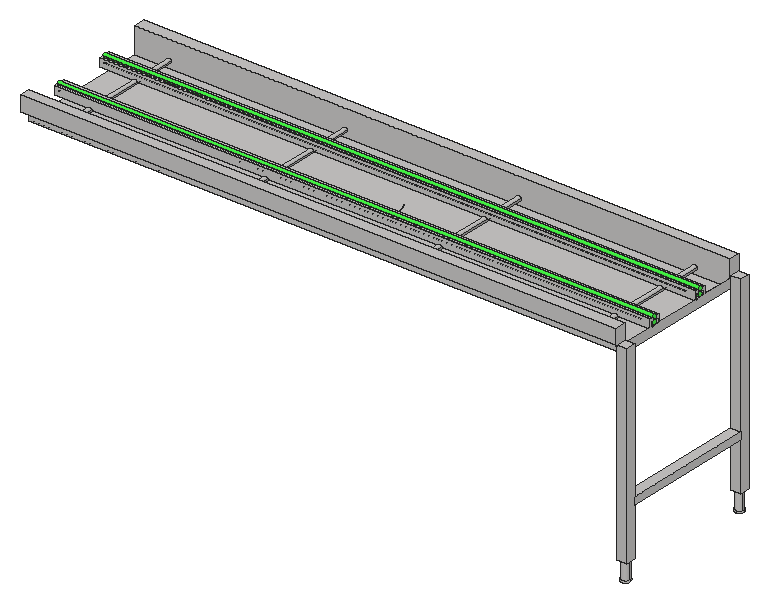
Revit family "QF_ELECTROLUXPROFESSIONAL_863162_HSBCC24", category Specialty Equipment, Revit 2018
Family settings
  Round Connector Dimension = Use Diameter
  Part Type = Normal
  Work Plane-Based = No
  Always vertical = Yes
  Cut with Voids When Loaded = No
  Shared = No
  Room Calculation Point = No
Parameters
  Weight = 0.00 kg
  Watts = 0 W
  Volts = 0 V
  URL Manufacturer = "http://professional.electrolux.com"
  URL = "http://professional.electrolux.com"
  Steam Supply Size = 0 mm
  Steam Supply Minimum Pressure = 0.0 Pa
  Steam Supply Maximum Pressure = 0.0 Pa
  Steam Pounds per Hour = 0
  Refrigeration Suction Line Size = 0 mm
  Refrigeration Liquid Line Size = 0 mm
  Refrigerant Compressor Remote = yes
  Manufacturer = "Electrolux"
  Phase = 0
  Model = "HSBCC24"
  Length Actual = 2400 mm  # constant formula
  Item Number = "863162"
  Hot Water Size = 0 mm
  Height Actual = 910 mm  # constant formula
  HP = "0 HP"
  Gas Size = 0 mm
  Gas KW = 0
  Gas Input Pressure = 0 W
  Description = "CORD CONVEYOR FOR BASKETS, L=2400 MM"
  Depth Actual = 620 mm  # constant formula
  Cycle = 0 Hz
  Condensate Return Size = 0 mm
  Compressed Air Volume = 0.0 L/s
  Compressed Air Size = 0 mm
  Compressed Air Pressure = 0.0 Pa
  Cold Water Size = 0 mm
  Accessory = yes
Reference planes
  plane 1 "Centro (Fronte/Retro)": y = 74.737
  plane 2: z = 0
  plane 3 "LEFT": x = -2838.761
  plane 4 "BACK": y = 384.737
  plane 5 "FRONT": y = -235.263
  plane 6: z = 910
  plane 7 "RIGHT": x = -438.761
  plane 8: x = -1638.761
Forms (mm)
  Extrusion 1, solid, material "QF_Finishes_Stainless Steel"
    sketch origin (11.239, 0, 0) x (0, 1, 0) y (0, 0, 1)
      loop
        line (-235.263, 910) -> (-235.263, 850.033) -> (-190.242, 850.033) -> (-190.242, 910) -> (-235.263, 910)
      loop
        line (384.737, 910) -> (339.716, 910) -> (339.716, 850.033) -> (384.737, 850.033) -> (384.737, 910)
    from -2850 to -451.2
  Extrusion 2, solid, material "QF_Finishes_Stainless Steel"
    sketch origin (11.239, 0, 0) x (0, 1, 0) y (0, 0, 1)
      loop
        line (-191.727, 850.033) -> (-191.727, 800.081) -> (341.245, 800.081) -> (341.245, 850.033) -> (339.716, 850.033) -> (339.716, 803.081) -> (-190.242, 803.081) -> (-190.242, 850.033) -> (-191.727, 850.033)
    from -2850 to -451.2
  Extrusion 3, solid, material "QF_Finishes_Stainless Steel"
    sketch origin (1061.239, 723.253, 4000) x (0, 1, 0) y (0, 0, 1)
      loop
        line (-958.516, -3090) -> (-958.516, -3149.967) -> (-934.752, -3185.632) -> (-915.4, -3185.632) -> (-915.4, -3199.919) -> (-381.633, -3199.919) -> (-381.633, -3185.632) -> (-362.281, -3185.632) -> (-338.516, -3149.967) -> (-338.516, -3090) -> (-383.538, -3090) -> (-383.538, -3161.926) -> (-913.495, -3161.926) -> (-913.495, -3090) -> (-958.516, -3090)
    from -1500 to -1501.2
  Extrusion 4, solid, material "QF_Finishes_Stainless Steel"
    sketch origin (-1477.522, 74.737, 0) x (-1, 0, 0) y (0, 0, -1)
      loop
        line (-1079.929, -300) -> (-1039.929, -300) -> (-1039.929, -270) -> (-1079.929, -270) -> (-1079.929, -300)
    from -266.504 to 266.46
  Revolve 5, solid, material "QF_Finishes_Stainless Steel"
    sketch origin (0, 74.737, 0) x (1, 0, 0) y (0, 0, 1)
      loop
        line (-1715.255, 800.081) -> (-1715.255, 786.333)
        arc (-1715.255, 786.333) -> (-1714.651, 784.73) -> (-1713.151, 783.903) r 2.474
        arc (-1713.151, 783.903) -> (-1709.843, 780.044) -> (-1713.138, 776.173) r 3.913
        arc (-1713.138, 776.173) -> (-1714.648, 775.341) -> (-1715.255, 773.728) r 2.49
        line (-1715.255, 773.728) -> (-1715.255, 733.404)
        arc (-1715.255, 733.404) -> (-1704.605, 702.706) -> (-1677.218, 685.219) r 49.516
        line (-1677.218, 685.219) -> (-1677.218, 682.73) -> (-1676.011, 681.079) -> (-1676.011, 679.492) -> (-1662.231, 673.492) -> (-1662.231, 638.761) -> (-1660.707, 637.3) -> (-1638.761, 637.3) -> (-1638.761, 800.081) -> (-1715.255, 800.081)
      axis (-1638.761, 800.081) -> (-1638.761, 637.3)
    angle from 0 to 360
  Extrusion 6, solid, material "QF_Finishes_Stainless Steel"
    sketch origin (0, 74.737, 0) x (1, 0, 0) y (0, 0, 1)
      loop
        circle (-2698.761, 831.05) r 8.5
    from -265 to 264.979
  Extrusion 7, solid, material "QF_Finishes_Stainless Steel"
    sketch origin (2140, 74.737, 0) x (1, 0, 0) y (0, 0, 1)
      loop
        circle (-2718.761, 831.05) r 8.5
    from -265 to 265
  Extrusion 8, solid, material "QF_Finishes_Stainless Steel"
    sketch origin (-438.761, 0, 0) x (0, 1, 0) y (0, 0, 1)
      loop
        line (-62.763, 869.045) -> (-62.763, 835.05) -> (-60.363, 835.05) -> (-60.363, 857.845) -> (-19.763, 857.845) -> (-19.763, 835.05) -> (-17.763, 835.05) -> (-17.763, 869.045) -> (-30.056, 869.045) -> (-35.275, 860.005) -> (-45.251, 860.005) -> (-50.47, 869.045) -> (-62.763, 869.045)
      loop
        line (212.237, 869.045) -> (199.944, 869.045) -> (194.725, 860.005) -> (184.749, 860.005) -> (179.53, 869.045) -> (167.237, 869.045) -> (167.237, 835.05) -> (169.237, 835.05) -> (169.237, 857.845) -> (209.837, 857.845) -> (209.837, 835.05) -> (212.237, 835.05) -> (212.237, 869.045)
    from 0 to -2400
  Extrusion 9, solid, material "QF_Finishes_Green"
    sketch origin (-438.761, 0, 0) x (0, 1, 0) y (0, 0, 1)
      loop
        circle (-40.263, 868.505) r 7.5
      loop
        circle (-40.263, 848.505) r 7.5
      loop
        circle (189.737, 868.505) r 7.5
      loop
        circle (189.737, 848.505) r 7.5
    from 0 to -2400
  Extrusion 10, solid, material "QF_Finishes_Stainless Steel"
    sketch origin (145, 74.737, 0) x (1, 0, 0) y (0, 0, 1)
      loop
        circle (-2134.261, 831.05) r 8.5
      loop
        circle (-1433.261, 831.05) r 8.5
    from -265 to 264.979
Cuts and joins
  joined: Extrusion 1, Extrusion 2, Extrusion 3, Extrusion 6, Extrusion 7, Extrusion 8, Extrusion 10
Lines and regions (mm)
  Split face 1
    outline origin (-1173.782, -239.063, 803.081) x (0, 1, 0) y (-1, 0, 0)
      loop
        circle (313.8, 464.979) r 3
  Split face 2
    outline origin (-1173.782, -239.063, 803.081) x (0, 1, 0) y (-1, 0, 0)
      loop
        circle (313.8, 464.979) r 9
  Split face 3
    outline origin (-1173.782, -239.063, 803.081) x (0, 1, 0) y (-1, 0, 0)
      loop
        circle (313.8, 464.979) r 26
  Split face 4
    outline origin (-1173.782, -239.063, 803.081) x (0, 1, 0) y (-1, 0, 0)
      loop
        circle (313.8, 464.979) r 36
  Split face 5
    outline origin (-1173.782, -239.063, 803.081) x (0, 1, 0) y (-1, 0, 0)
      loop
        circle (313.8, 464.979) r 53
  symbolic lines
    curve 1: line (-438.761, 384.737, 0) -> (-2838.761, 384.737, 0)
    curve 2: line (-2838.761, 384.737, 0) -> (-2838.761, -235.263, 0)
    curve 3: line (-2838.761, 339.716, 0) -> (-438.761, 339.716, 0)
    curve 4: line (-2838.761, -235.263, 0) -> (-438.761, -235.263, 0)
    curve 5: line (-438.761, -235.263, 0) -> (-438.761, 384.737, 0)
    curve 6: line (-438.761, -190.242, 0) -> (-2838.761, -190.242, 0)
    curve 7: line (-2838.761, 74.737, 0) -> (-2808.761, 74.737, 0)
    curve 8: line (-438.761, 74.737, 0) -> (-468.761, 74.737, 0)
    curve 9: circle (-1638.761, 74.737, 0) r 23.47 normal (0, 0, 1)
    curve 10: line (-438.761, 212.237, 0) -> (-2838.761, 212.237, 0)
    curve 11: line (-2838.761, 167.237, 0) -> (-438.761, 167.237, 0)
    curve 12: line (-438.761, -17.763, 0) -> (-2838.761, -17.763, 0)
    curve 13: line (-2838.761, -62.763, 0) -> (-438.761, -62.763, 0)
    curve 14: line (-2838.761, -47.763, 0) -> (-438.761, -47.763, 0)
    curve 15: line (-2838.761, -32.763, 0) -> (-438.761, -32.763, 0)
    curve 16: line (-2838.761, 197.237, 0) -> (-438.761, 197.237, 0)
    curve 17: line (-2838.761, 182.237, 0) -> (-438.761, 182.237, 0)
    curve 18: line (-2707.261, 339.716, 0) -> (-2707.261, 212.237, 0)
    curve 19: line (-2690.261, 339.716, 0) -> (-2690.261, 212.237, 0)
    curve 20: line (-2690.261, 167.237, 0) -> (-2690.261, -17.763, 0)
    curve 21: line (-2707.261, 167.237, 0) -> (-2707.261, -17.763, 0)
    curve 22: line (-2707.261, -62.763, 0) -> (-2707.261, -190.242, 0)
    curve 23: line (-2690.261, -62.763, 0) -> (-2690.261, -190.242, 0)
    curve 24: line (-587.261, 339.716, 0) -> (-587.261, 212.237, 0)
    curve 25: line (-570.261, 339.716, 0) -> (-570.261, 212.237, 0)
    curve 26: line (-570.261, 167.237, 0) -> (-570.261, -17.763, 0)
    curve 27: line (-587.261, 167.237, 0) -> (-587.261, -17.763, 0)
    curve 28: line (-587.261, -62.763, 0) -> (-587.261, -190.242, 0)
    curve 29: line (-570.261, -62.763, 0) -> (-570.261, -190.242, 0)
    curve 30: line (-1997.761, 339.716, 0) -> (-1997.761, 212.237, 0)
    curve 31: line (-1980.761, 339.716, 0) -> (-1980.761, 212.237, 0)
    curve 32: line (-1980.761, 167.237, 0) -> (-1980.761, -17.763, 0)
    curve 33: line (-1997.761, 167.237, 0) -> (-1997.761, -17.763, 0)
    curve 34: line (-1997.761, -62.763, 0) -> (-1997.761, -190.242, 0)
    curve 35: line (-1980.761, -62.763, 0) -> (-1980.761, -190.242, 0)
    curve 36: line (-1296.761, 339.716, 0) -> (-1296.761, 212.237, 0)
    curve 37: line (-1279.761, 339.716, 0) -> (-1279.761, 212.237, 0)
    curve 38: line (-1279.761, 167.237, 0) -> (-1279.761, -17.763, 0)
    curve 39: line (-1296.761, 167.237, 0) -> (-1296.761, -17.763, 0)
    curve 40: line (-1296.761, -62.763, 0) -> (-1296.761, -190.242, 0)
    curve 41: line (-1279.761, -62.763, 0) -> (-1279.761, -190.242, 0)
Dimensions and locks
  plane 3 "LEFT" to plane 7 "RIGHT" = 2400 mm
  equal spacing: plane 4 "BACK", plane 1 "Centro (Fronte/Retro)", plane 5 "FRONT"
  plane 4 "BACK" to plane 5 "FRONT" = 620 mm
  equal spacing: plane 3 "LEFT", plane 8, plane 7 "RIGHT"
  locked: Extrusion 6 sketch curve to plane 3 "LEFT" at 140
  locked: plane 7 "RIGHT" to Extrusion 7 sketch curve at 140
  aligned and locked: level to plane 2
  aligned and locked: curve 9 to Revolve 5
  aligned and locked: plane 8 to Split face 5  (x2)
  aligned and locked: plane 8 to Split face 4  (x2)
  aligned and locked: plane 8 to cut or joined group of Extrusion 1, Extrusion 2, Extrusion 3, Extrusion 6, Extrusion 7, Extrusion 8, Extrusion 10  (x4)
  aligned and locked: plane 8 to Split face 3  (x2)
  aligned and locked: plane 8 to Split face 2  (x2)
  aligned and locked: plane 8 to Split face 1  (x2)
  aligned and locked: Extrusion 2 to plane 3 "LEFT"
  aligned and locked: Extrusion 1 to plane 3 "LEFT"
  aligned and locked: Extrusion 8 to plane 3 "LEFT"
  aligned and locked: cut or joined group of Extrusion 1, Extrusion 2, Extrusion 3, Extrusion 6, Extrusion 7, Extrusion 8, Extrusion 10 to plane 3 "LEFT"  (x2)
  aligned and locked: plane 3 "LEFT" to curve 6
  aligned and locked: plane 3 "LEFT" to curve 4
  aligned and locked: Extrusion 9 to plane 3 "LEFT"
Automatic sketch dimensions
  Extrusion 1 sketch curve to plane 5 "FRONT" = 0 mm
  Extrusion 1 sketch curve to plane 6 = 0 mm  (x2)
  Extrusion 1 sketch curve to plane 4 "BACK" = 0 mm
  plane 5 "FRONT" to Extrusion 1 sketch curve = 45.021 mm
  Extrusion 1 sketch curve to plane 4 "BACK" = 45.021 mm
  Extrusion 1 sketch curve to Extrusion 1 sketch curve = 59.967 mm  (x2)
  plane 5 "FRONT" to Extrusion 2 sketch curve = 43.536 mm
  Extrusion 2 sketch curve to Extrusion 2 sketch curve = 1.486 mm
  Extrusion 2 sketch curve to plane 4 "BACK" = 45.021 mm
  Extrusion 2 sketch curve to Extrusion 2 sketch curve = 1.529 mm
  Extrusion 2 sketch curve to plane 6 = 109.919 mm
  Extrusion 2 sketch curve to Extrusion 2 sketch curve = 3 mm
  Extrusion 2 sketch curve to Extrusion 2 sketch curve = 46.952 mm  (x2)
  Extrusion 3 sketch curve to plane 5 "FRONT" = 0 mm
  Extrusion 3 sketch curve to plane 6 = 0 mm  (x2)
  Extrusion 3 sketch curve to plane 4 "BACK" = 0 mm
  plane 5 "FRONT" to Extrusion 3 sketch curve = 23.764 mm
  Extrusion 3 sketch curve to Extrusion 3 sketch curve = 19.352 mm  (x2)
  plane 5 "FRONT" to Extrusion 3 sketch curve = 45.021 mm
  Extrusion 3 sketch curve to plane 4 "BACK" = 45.021 mm
  Extrusion 3 sketch curve to Extrusion 3 sketch curve = 1.905 mm
  Extrusion 3 sketch curve to Extrusion 3 sketch curve = 59.967 mm  (x2)
  Extrusion 3 sketch curve to Extrusion 3 sketch curve = 11.959 mm
  Extrusion 3 sketch curve to Extrusion 3 sketch curve = 23.706 mm  (x2)
  Extrusion 3 sketch curve to Extrusion 3 sketch curve = 14.287 mm
  Extrusion 4 sketch curve to plane 7 "RIGHT" = 41.168 mm
  Extrusion 4 sketch curve to plane 7 "RIGHT" = 1.168 mm
  Extrusion 4 sketch curve to level = 270 mm
  Extrusion 4 sketch curve to Extrusion 4 sketch curve = 30 mm
  Extrusion 6 sketch curve to plane 6 = 78.95 mm
  Extrusion 7 sketch curve to plane 6 = 78.95 mm
  plane 1 "Centro (Fronte/Retro)" to Extrusion 8 sketch curve = 137.5 mm
  Extrusion 8 sketch curve to Extrusion 8 sketch curve = 2.4 mm  (x2)
  Extrusion 8 sketch curve to plane 6 = 40.955 mm  (x3)
  Extrusion 8 sketch curve to Extrusion 8 sketch curve = 12.293 mm  (x2)
  Extrusion 8 sketch curve to Extrusion 8 sketch curve = 5.219 mm  (x4)
  Extrusion 8 sketch curve to Extrusion 8 sketch curve = 9.976 mm  (x2)
  Extrusion 8 sketch curve to Extrusion 8 sketch curve = 10.293 mm
  Extrusion 8 sketch curve to Extrusion 8 sketch curve = 2 mm  (x2)
  Extrusion 8 sketch curve to plane 1 "Centro (Fronte/Retro)" = 92.5 mm
  Extrusion 8 sketch curve to plane 6 = 49.995 mm
  Extrusion 8 sketch curve to Extrusion 8 sketch curve = 9.893 mm
  Extrusion 8 sketch curve to Extrusion 8 sketch curve = 11.2 mm
  Extrusion 8 sketch curve to Extrusion 8 sketch curve = 2.16 mm
  Extrusion 8 sketch curve to Extrusion 8 sketch curve = 22.795 mm  (x4)
  Extrusion 8 sketch curve to Extrusion 8 sketch curve = 9.04 mm  (x2)
  plane 1 "Centro (Fronte/Retro)" to Extrusion 9 sketch curve = 115 mm
  Extrusion 9 sketch curve to Extrusion 9 sketch curve = 0 mm  (x2)
  Extrusion 9 sketch curve to plane 1 "Centro (Fronte/Retro)" = 115 mm
  Extrusion 9 sketch curve to plane 6 = 61.495 mm  (x2)
  Extrusion 9 sketch curve to Extrusion 9 sketch curve = 20 mm  (x2)
  plane 1 "Centro (Fronte/Retro)" to curve 7 = 0 mm
  plane 1 "Centro (Fronte/Retro)" to curve 8 = 0 mm
  curve 15 to plane 7 "RIGHT" = 0 mm
  curve 4 to plane 5 "FRONT" = 0 mm
  curve 2 to plane 4 "BACK" = 0 mm
  plane 3 "LEFT" to curve 7 = 30 mm
  curve 18 to plane 4 "BACK" = 45.021 mm
  plane 3 "LEFT" to curve 18 = 131.5 mm
  plane 5 "FRONT" to curve 22 = 45.021 mm
  plane 3 "LEFT" to curve 22 = 131.5 mm
  curve 21 to curve 18 = 0 mm
  curve 18 to curve 19 = 17 mm
  curve 21 to curve 20 = 17 mm
  curve 22 to curve 23 = 17 mm
  curve 33 to plane 1 "Centro (Fronte/Retro)" = 92.5 mm
  curve 33 to plane 8 = 359 mm
  curve 34 to curve 33 = 0 mm
  curve 30 to curve 33 = 0 mm
  curve 34 to curve 35 = 17 mm
  curve 30 to curve 31 = 17 mm
  curve 33 to curve 32 = 17 mm
  curve 36 to plane 1 "Centro (Fronte/Retro)" = 137.5 mm
  plane 8 to curve 36 = 342 mm
  plane 8 to curve 40 = 342 mm
  curve 39 to curve 40 = 0 mm
  curve 36 to curve 37 = 17 mm
  curve 39 to curve 38 = 17 mm
  curve 40 to curve 41 = 17 mm
  curve 28 to plane 7 "RIGHT" = 148.5 mm
  curve 24 to plane 7 "RIGHT" = 148.5 mm
  curve 27 to curve 28 = 0 mm
  curve 27 to curve 26 = 17 mm
  curve 24 to curve 25 = 17 mm
  curve 28 to curve 29 = 17 mm
  curve 8 to plane 7 "RIGHT" = 30 mm
  curve 35 to curve 35 = 127.479 mm
  curve 13 to curve 14 = 15 mm
  curve 14 to curve 15 = 15 mm
  curve 15 to curve 12 = 15 mm
  curve 11 to curve 17 = 15 mm
  curve 16 to curve 10 = 15 mm
  Revolve 5 sketch curve to plane 8 = 0 mm  (x2)
  Revolve 5 sketch curve to Revolve 5 sketch curve = 21.946 mm
  Revolve 5 sketch curve to Revolve 5 sketch curve = 1.524 mm
  Revolve 5 sketch curve to plane 8 = 26.978 mm
  Revolve 5 sketch curve to Revolve 5 sketch curve = 13.78 mm
  Revolve 5 sketch curve to Revolve 5 sketch curve = 1.206 mm
  Revolve 5 sketch curve to Revolve 5 sketch curve = 47.026 mm
  Revolve 5 sketch curve to Revolve 5 sketch curve = 0.016 mm  (x3)
  Revolve 5 sketch curve to Revolve 5 sketch curve = 0.976 mm
  Revolve 5 sketch curve to Revolve 5 sketch curve = 2.474 mm
  Revolve 5 sketch curve to Revolve 5 sketch curve = 2.49 mm
  Revolve 5 sketch curve to Revolve 5 sketch curve = 0 mm
  Revolve 5 sketch curve to plane 6 = 272.7 mm
  Revolve 5 sketch curve to Revolve 5 sketch curve = 1.461 mm
  Revolve 5 sketch curve to Revolve 5 sketch curve = 34.731 mm
  Revolve 5 sketch curve to Revolve 5 sketch curve = 6 mm
  Revolve 5 sketch curve to Revolve 5 sketch curve = 1.588 mm
  Revolve 5 sketch curve to Revolve 5 sketch curve = 1.651 mm
  Revolve 5 sketch curve to Revolve 5 sketch curve = 2.488 mm
  Revolve 5 sketch curve to Revolve 5 sketch curve = 48.167 mm
  Revolve 5 sketch curve to Revolve 5 sketch curve = 40.307 mm
  Revolve 5 sketch curve to Revolve 5 sketch curve = 6.326 mm
  Revolve 5 sketch curve to Revolve 5 sketch curve = 6.296 mm
  Revolve 5 sketch curve to Revolve 5 sketch curve = 13.748 mm
  Revolve 5 sketch curve to Revolve 5 sketch curve = 0.373 mm
  Revolve 5 sketch curve to Revolve 5 sketch curve = 38.557 mm
  plane 6 to Revolve 5 sketch curve = 8.743 mm
  cut or joined group of Extrusion 1, Extrusion 2, Extrusion 3, Extrusion 6, Extrusion 7, Extrusion 8, Extrusion 10 to Split face 1 sketch curve = 264.979 mm
  cut or joined group of Extrusion 1, Extrusion 2, Extrusion 3, Extrusion 6, Extrusion 7, Extrusion 8, Extrusion 10 to Split face 1 sketch curve = 1198.8 mm
  cut or joined group of Extrusion 1, Extrusion 2, Extrusion 3, Extrusion 6, Extrusion 7, Extrusion 8, Extrusion 10 to Split face 2 sketch curve = 264.979 mm
  cut or joined group of Extrusion 1, Extrusion 2, Extrusion 3, Extrusion 6, Extrusion 7, Extrusion 8, Extrusion 10 to Split face 2 sketch curve = 1198.8 mm
  cut or joined group of Extrusion 1, Extrusion 2, Extrusion 3, Extrusion 6, Extrusion 7, Extrusion 8, Extrusion 10 to Split face 3 sketch curve = 264.979 mm
  cut or joined group of Extrusion 1, Extrusion 2, Extrusion 3, Extrusion 6, Extrusion 7, Extrusion 8, Extrusion 10 to Split face 3 sketch curve = 1198.8 mm
  cut or joined group of Extrusion 1, Extrusion 2, Extrusion 3, Extrusion 6, Extrusion 7, Extrusion 8, Extrusion 10 to Split face 4 sketch curve = 264.979 mm
  cut or joined group of Extrusion 1, Extrusion 2, Extrusion 3, Extrusion 6, Extrusion 7, Extrusion 8, Extrusion 10 to Split face 4 sketch curve = 1198.8 mm
  cut or joined group of Extrusion 1, Extrusion 2, Extrusion 3, Extrusion 6, Extrusion 7, Extrusion 8, Extrusion 10 to Split face 5 sketch curve = 264.979 mm
  cut or joined group of Extrusion 1, Extrusion 2, Extrusion 3, Extrusion 6, Extrusion 7, Extrusion 8, Extrusion 10 to Split face 5 sketch curve = 1198.8 mm
  Extrusion 10 sketch curve to plane 6 = 78.95 mm  (x2)
  Extrusion 10 sketch curve to plane 8 = 350.5 mm
  plane 8 to Extrusion 10 sketch curve = 350.5 mm
  radius of Extrusion 6 sketch curve = 8.5 mm
  radius of Extrusion 7 sketch curve = 8.5 mm
  radius of Extrusion 9 sketch curve = 7.5 mm  (x4)
  radius of Split face 1 sketch curve = 3 mm
  radius of Split face 2 sketch curve = 9 mm
  radius of Split face 3 sketch curve = 26 mm
  radius of Split face 4 sketch curve = 36 mm
  radius of Split face 5 sketch curve = 53 mm
  radius of Extrusion 10 sketch curve = 8.5 mm  (x2)
Nested families
  nested 1: "Foot_40x40" at (-417.593, 361.245, 0) x (-1, 0, 0) z (0, 0, 1), type "Foot_40x40"
    with A 850.033 mm
  nested 2: "Foot_40x40" at (-417.593, -211.771, 0) x (-1, 0, 0) z (0, 0, 1), type "Foot_40x40"
    with A 850.033 mm
Connectors
  piping at (-1638.761, 74.737, 637.3), diameter 40
    settings: on Revolve 5, index 1, connector inside diameter 609.6 mm, connector length 0 mm, flow factor 0, pipe flow 0.0 L/s, pressure drop 0.0 Pa, fitting loss kfactor 0, connector angle 0.00°, fixture units 0, engagement length 0 mm, angle of deflection 0.00°, flow configuration 1, flow direction 2, fitting loss method 0, system type 16, joint type 0, gender type 0, connector reference index -1, connector utility 0, adjustable connector no, is connector primary yes, connector description "Drain"
Definition of nested family "Foot_40x40"
  Parameters
    A [instance] = 850 mm
  Reference planes
    plane 1 "Centro (Fronte/Retro)": y = 0
    plane 2: z = 0
    plane 3 "Centro (Sinistra/Destra)": x = 0
    plane 4: z = 850
  Forms (mm)
    Extrusion 1, solid
      sketch origin (0, 0, 0) x (1, 0, 0) y (0, 1, 0)
        loop
          circle (0, 0) r 18
      from 0 to 5
    Extrusion 2, solid
      sketch origin (0, 0, 5) x (1, 0, 0) y (0, 1, 0)
        loop
          circle (0, 0) r 15
      from 0 to 70
    Extrusion 3, solid
      sketch origin (0, 0, 75) x (1, 0, 0) y (0, 1, 0)
        loop
          line (-20, 20) -> (-20, -20) -> (20, -20) -> (20, 20) -> (-20, 20)
      from 0 to 775
  Dimensions and locks
    "A": plane 4 to plane 2
    aligned and locked: level to plane 2
    aligned and locked: plane 4 to Extrusion 3
    aligned and locked: Extrusion 1 to level
  Automatic sketch dimensions
    plane 1 "Centro (Fronte/Retro)" to Extrusion 1 sketch curve = 0 mm
    Extrusion 1 sketch curve to plane 3 "Centro (Sinistra/Destra)" = 0 mm
    Extrusion 3 sketch curve to Extrusion 3 sketch curve = 40 mm  (x2)
    radius of Extrusion 1 sketch curve = 18 mm
    radius of Extrusion 2 sketch curve to Extrusion 1 = 3 mm
